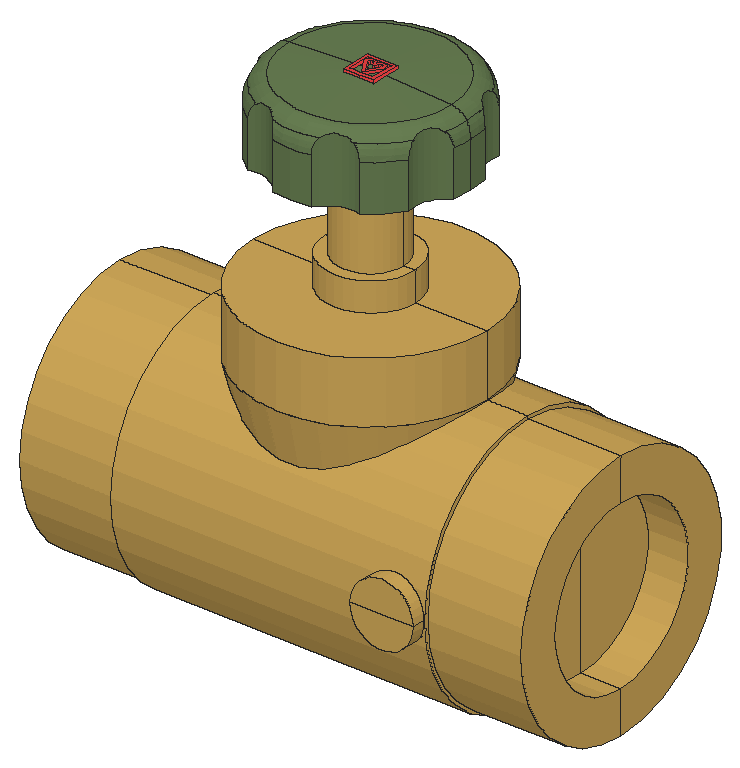
Revit family "Запорный клапан Strömax 4215 W, муфта х муфта", category Rohrzubehör, Revit 2019
Family settings
  Bemaßung runder Anschluss = Durchmesser verwenden
  Teiletyp = Unterbricht
  OmniClass-Nummer = 23.65.55.14
  OmniClass-Titel = Valves for Liquid Services
  Arbeitsebenenbasiert = Nein
  Immer vertikal = Ja
  Beim Laden mit Abzugskörper schneiden = Nein
  Gemeinsam genutzt = Nein
Parameters
  Примечание = "В соответствии со статьей 33 Регламента REACH (Registration; Evaluation; Authorisation; Restriction of Chemicals) (EC № 1907/2006) мы обязаны указать, что свинец внесен в список SVHC (Substances of Very High Concern - вещества очень высокой важности) и весовой процент свинца во всех латунных компонентах заводского изготовления в наших изделиях, превышает 0,1 % (w/w) (CAS: 7439-92-1 / EINECS: 231-100-4).\r\nПоскольку свинец является легирующим компонентом сплава, прямое негативное влияние исключается, и поэтому дополнительной информации о безопасном использовании не требуется."
  Область применения = "Для перекрытия трубопроводов в системе питьевого водоснабжения в зданиях."
  Номер заказа [instance] = size_lookup("4215W_", "Artnr", 0, Nennweite)  # 2421546
  Маховик = "пластик, цвет маховика - зеленый"  # constant formula
  Макс. рабочее давление = 1000000.0 Pa  # constant formula
  Макс. рабочая температура = 90 °C  # constant formula
  Корпус = "латунь, устойчивая к селективной цинковой коррозии, в соответствии с EN1982"  # constant formula
  URL = "www.herz-armaturen.ru"
  T01 [instance] = size_lookup("4215W_", "T1", 17.5 mm, Nennweite)  # 42 mm
  SC_NennweiteBerechnet = 0
  SC_Dimension = ""
  SCTWSEQ = "FW;SBT_TYP_FW=\"106\";2"
  SCTWCODE = "04;01;02"  # constant formula
  S03 = 60 mm  # constant formula
  S02 [instance] = H01 + H02 + H03  # 93 mm
  S01 [instance] = R01 * 2  # 75 mm
  R08 [instance] = size_lookup("4215W_", "R8", 9.5 mm, Nennweite)  # 9.5 mm
  R07 = 3 mm  # constant formula
  R06 [instance] = size_lookup("4215W_", "R6", 7.8 mm, Nennweite)  # 10 mm
  R05 [instance] = size_lookup("4215W_", "R5", 10.1 mm, Nennweite)  # 13.5 mm
  R04 [instance] = size_lookup("4215W_", "R4", 13.5 mm, Nennweite)  # 35 mm
  R03 [instance] = size_lookup("4215W_", "R3", 15 mm, Nennweite)  # 38.5 mm
  R02 [instance] = Nennweite / 2  # 25 mm
  R01 [instance] = size_lookup("4215W_", "R1", 16 mm, Nennweite)  # 37.5 mm
  Nennweite [instance] = 50 mm
  Мин. расход при Dp 10 кПа [instance] = if(Nennweite = 15 mm, 0.2, if(Nennweite = 20 mm, 0.4, if(Nennweite = 25 mm, 0.7, if(Nennweite = 32 mm, 1.2, if(Nennweite = 40 mm, 1.6, if(Nennweite = 50 mm, 2.7, 0))))))  # 2.7
  Среда = "Питьевая вода"  # constant formula
  Макс. перепад давления на закрытом седле = 1000000.0 Pa  # constant formula
  L03 [instance] = size_lookup("4215W_", "L3", 15.5 mm, Nennweite)  # 38 mm
  L02 = 12 mm  # constant formula
  L01 [instance] = size_lookup("4215W_", "L1", 16 mm, Nennweite)  # 28 mm
  L00 [instance] = size_lookup("4215W_", "L", 65 mm, Nennweite)  # 150 mm
  Hersteller = "HERZ Armaturen Ges.m.b.H."  # constant formula
  H04 = 21 mm  # constant formula
  H03 [instance] = size_lookup("4215W_", "H3", 14.6 mm, Nennweite)  # 27.3 mm
  H02 [instance] = size_lookup("4215W_", "H2", 5.4 mm, Nennweite)  # 8.7 mm
  H01 [instance] = size_lookup("4215W_", "H1", 26 mm, Nennweite)  # 57 mm
  H00 [instance] = H01 + H02 + H03  # 93 mm
  O-Ring = "EPDM"  # constant formula
Reference planes
  plane 1 "Mitte (Vorne/hinten)": y = 0
  plane 2: z = 0
  plane 3 "Mitte (Links/rechts)": x = 0
Forms (mm)
  Revolve 1, solid, material "Messing, weicher Gelbton, geschweißt", detail levels fine
    sketch origin (470, 0, 0) x (1, 0, 0) y (0, 0, 1)
      loop
        line (-545, 25) -> (-533, 25) -> (-533, 0) -> (-407, 0) -> (-407, 25) -> (-395, 25) -> (-395, 37.5) -> (-423, 37.5) -> (-423, 38.5) -> (-517, 38.5) -> (-517, 37.5) -> (-545, 37.5) -> (-545, 25)
      axis (-545, 0) -> (-395, 0)
    angle from 0 to 360
  Revolve 2, solid, material "Messing, weicher Gelbton, geschweißt", detail levels fine
    sketch origin (0, 0, 0) x (1, 0, 0) y (0, 0, 1)
      loop
        line (0, 0) -> (0, 93) -> (-10, 93) -> (-10, 65.7) -> (-13.5, 65.7) -> (-13.5, 57) -> (-35, 57) -> (-35, 38.5) -> (-25, 0) -> (0, 0)
      axis (0, 93) -> (0, 0)
    angle from 0 to 360
  Revolve 3, solid, material "Messing, weicher Gelbton, geschweißt", detail levels fine
    sketch origin (0, 0, 0) x (1, 0, 0) y (0, 1, 0)
      loop
        line (37, -42) -> (46.5, -42) -> (46.5, -25) -> (40, -25) -> (40, 25) -> (46.5, 25) -> (46.5, 42) -> (37, 42) -> (37, -42)
      axis (37, 42) -> (37, -42)
    angle from 0 to 360
Lines and regions (mm)
  model lines, detail levels coarse+medium
    curve 1: line (-75, 0, -37.5) -> (-75, 0, 37.5)
    curve 2: line (-75, 0, 37.5) -> (75, 0, -37.5)
    curve 3: line (75, 0, -37.5) -> (75, 0, 37.5)
    curve 4: line (75, 0, 37.5) -> (-75, 0, -37.5)
    curve 5: line (0, 0, 0) -> (0, 0, 93)
    curve 6: line (-30, 0, 93) -> (30, 0, 93)
    curve 7: line (-75, 37.5, 0) -> (-75, -37.5, 0)
    curve 8: line (-75, -37.5, 0) -> (75, 37.5, 0)
    curve 9: line (75, 37.5, 0) -> (75, -37.5, 0)
    curve 10: line (75, -37.5, 0) -> (-75, 37.5, 0)
    curve 11: line (0, 0, 0) -> (0, 93, 0)
    curve 12: line (-30, 93, 0) -> (30, 93, 0)
Dimensions and locks
  "L00": Revolve 1 sketch curve to Revolve 1 sketch curve
  equal spacing: Revolve 1 sketch curve, plane 3 "Mitte (Links/rechts)", Revolve 1 sketch curve
  "R01": Revolve 1 sketch curve to Revolve 1 sketch curve  (x2)
  "R02": Revolve 1 sketch curve to Revolve 1 sketch curve  (x2)
  "L01": Revolve 1 sketch curve to Revolve 1 sketch curve  (x2)
  "L02": Revolve 1 sketch curve to Revolve 1 sketch curve  (x2)
  "R03": Revolve 1 sketch curve to Revolve 1 sketch curve
  "R03": Revolve 2 sketch curve to Revolve 2 sketch curve
  "R02": Revolve 2 sketch curve to Revolve 2 sketch curve
  "R04": Revolve 2 sketch curve to Revolve 2 sketch curve
  "R05": Revolve 2 sketch curve to Revolve 2 sketch curve
  "R06": Revolve 2 sketch curve to Revolve 2 sketch curve
  "H01": Revolve 2 sketch curve to plane 2
  "T01": Revolve 3 sketch curve to plane 1 "Mitte (Vorne/hinten)" to Revolve 3 sketch curve
  "L03": Revolve 3 sketch curve to Revolve 1
  "R02": Revolve 3 sketch curve to plane 1 "Mitte (Vorne/hinten)"
  "R02": plane 1 "Mitte (Vorne/hinten)" to Revolve 3 sketch curve
  "R07": Revolve 3 sketch curve to Revolve 3 sketch curve
  "R08": Revolve 3 sketch curve to Revolve 3 sketch curve
  "H02": Revolve 2 sketch curve to Revolve 2 sketch curve
  "H03": Revolve 2 sketch curve to Revolve 2 sketch curve
  "H00": nested 1 to plane 2
  "H04": nested 2 to Revolve 2
  equal spacing: curve 3, plane 3 "Mitte (Links/rechts)", curve 1
  "L00": curve 3 to curve 1
  equal spacing: curve 2, plane 2, curve 4
  "S01": curve 2 to curve 4
  equal spacing: curve 4, plane 2, curve 3
  "S01": curve 4 to curve 3
  "S02": curve 5 to plane 2
  equal spacing: curve 6, curve 5, curve 6
  "S03": curve 6 to curve 6
  equal spacing: curve 7, plane 3 "Mitte (Links/rechts)", curve 9
  "L00": curve 7 to curve 9
  equal spacing: curve 10, plane 1 "Mitte (Vorne/hinten)", curve 9
  equal spacing: curve 8, plane 1 "Mitte (Vorne/hinten)", curve 10
  "S01": curve 9 to curve 10
  "S01": curve 10 to curve 8
  equal spacing: curve 12, plane 3 "Mitte (Links/rechts)", curve 12
  "S02": plane 1 "Mitte (Vorne/hinten)" to curve 11
  "S03": curve 12 to curve 12
  aligned and locked: level to plane 2
Automatic sketch dimensions
  curve 5 to level = 0 mm
  plane 1 "Mitte (Vorne/hinten)" to curve 11 = 0 mm
  Revolve 1 sketch curve to level = 0 mm  (x2)
  Revolve 1 sketch curve to Revolve 1 sketch curve = 791.99 mm
  Revolve 1 sketch curve to Revolve 1 sketch curve = 2278.983 mm
  Revolve 2 sketch curve to level = 0 mm
  Revolve 2 sketch curve to plane 3 "Mitte (Links/rechts)" = 0 mm  (x2)
  Revolve 2 sketch curve to level = 366.045 mm
  Revolve 2 sketch curve to Revolve 2 sketch curve = 2165.278 mm
  Revolve 3 sketch curve to Revolve 3 sketch curve = 9.5 mm
  Revolve 3 sketch curve to Revolve 3 sketch curve = 0 mm
  Revolve 3 sketch curve to Revolve 3 sketch curve = 4.553 mm
  Revolve 3 sketch curve to Revolve 3 sketch curve = 3.768 mm
Nested families
  nested 1: "Strömax-Handrad (Grün)" at (0, 0, 93), type "Strömax-Handrad (Grün)", detail levels fine
    with Nennweite 0 mm, Gewicht 0.00 kg, Bestellnummer 0
  nested 2: "Herz-Logo" at (0, 0, 114), type "Herz-Logo", detail levels fine
Connectors
  piping at (-63, 0, 0), diameter 50, driven by "Nennweite"
    settings: on Revolve 1, index 1, connector inside diameter 609.6 mm, connector length 0 mm, flow factor 0, pipe flow 0.0 L/s, pressure drop 0.0 Pa, fitting loss kfactor 0, connector angle 0.00°, fixture units 0, engagement length 0 mm, angle of deflection 0.00°, flow configuration 0, flow direction 1, fitting loss method 0, system type 29, joint type 0, gender type 0, connector reference index -1, connector utility 0, adjustable connector no, is connector primary yes, connector description ""
  piping at (63, 0, 0), diameter 50, driven by "Nennweite"
    settings: on Revolve 1, index 2, connector inside diameter 609.6 mm, connector length 0 mm, flow factor 0, pipe flow 0.0 L/s, pressure drop 0.0 Pa, fitting loss kfactor 0, connector angle 0.00°, fixture units 0, engagement length 0 mm, angle of deflection 0.00°, flow configuration 0, flow direction 2, fitting loss method 0, system type 29, joint type 0, gender type 0, connector reference index -1, connector utility 0, adjustable connector no, is connector primary no, connector description ""
Definition of nested family "Strömax-Handrad (Grün)"
  Parameters (values of type "Strömax-Handrad (Grün)")
    URL = "www.herz-armaturen.at"
    Nennweite [instance] = 0 mm
    Manufacturer = "Herz Armaturen GmbH"  # constant formula
    Gewicht [instance] = 0.00 kg
    Bestellnummer [instance] = 0
  Reference planes
    plane 1 "Mitte (Vorne/hinten)": y = 0
    plane 2: z = 0
    plane 3 "Mitte (Links/rechts)": x = 0
  Forms (mm)
    Revolve 1, solid
      sketch origin (0, 0, 0) x (1, 0, 0) y (0, 0, 1)
        loop
          line (0, 0) -> (0, 22)
          arc (0, 22) -> (-12.15, 21.705) -> (-24.271, 20.819) r 250
          arc (-24.271, 20.819) -> (-26.831, 19.959) -> (-28.754, 18.063) r 6
          arc (-28.754, 18.063) -> (-29.682, 16.008) -> (-30, 13.776) r 8
          line (-30, 13.776) -> (-30, 0) -> (0, 0)
        axis (0, 22) -> (0, 0)
      angle from 0 to 360
    Extrusion 2, void
      sketch origin (0, 0, 0) x (1, 0, 0) y (0, 1, 0)
        loop
          circle (14.351, -34.645) r 10
      from 0 to 22
    Extrusion 3, void
      sketch origin (0, 0, 0) x (-1, 0, 0) y (0, -1, 0)
        loop
          circle (14.351, 34.645) r 10
      from 0 to 22
    Extrusion 4, void
      sketch origin (0, 0, 0) x (0, -1, 0) y (1, 0, 0)
        loop
          circle (14.351, 34.645) r 10
      from 0 to 22
    Extrusion 5, void
      sketch origin (0, 0, 0) x (0, 1, 0) y (-1, 0, 0)
        loop
          circle (14.351, -34.645) r 10
      from 0 to 22
    Extrusion 6, void
      sketch origin (0, 0, 0) x (0, -1, 0) y (1, 0, 0)
        loop
          circle (14.351, -34.645) r 10
      from 0 to 22
    Extrusion 7, void
      sketch origin (0, 0, 0) x (0, 1, 0) y (-1, 0, 0)
        loop
          circle (14.351, 34.645) r 10
      from 0 to 22
    Extrusion 8, void
      sketch origin (0, 0, 0) x (1, 0, 0) y (0, 1, 0)
        loop
          circle (14.351, 34.645) r 10
      from 0 to 22
    Extrusion 9, void
      sketch origin (0, 0, 0) x (-1, 0, 0) y (0, -1, 0)
        loop
          circle (14.351, -34.645) r 10
      from 0 to 22
  Cuts and joins
    Extrusion 2, Extrusion 3, Extrusion 4, Extrusion 5, Extrusion 6, Extrusion 7, Extrusion 8, Extrusion 9 cuts Revolve 1
  Dimensions and locks
    aligned and locked: level to plane 2
Definition of nested family "Herz-Logo"
  Reference planes
    plane 1 "Mitte (Vorne/hinten)": y = 0
    plane 2: z = 0
    plane 3 "Mitte (Links/rechts)": x = 0
  Forms (mm)
    Extrusion 1, solid
      sketch origin (0, 0, 0) x (1, 0, 0) y (0, 1, 0)
        loop
          line (-0.018, -4.517) -> (4.482, -4.517) -> (4.482, 4.483) -> (-4.518, 4.483) -> (-4.518, -4.517) -> (-0.018, -4.517)
        loop
          line (-0.05, -3.48) -> (3.482, -3.48) -> (3.482, 3.483) -> (-3.518, 3.483) -> (-3.518, -3.48) -> (-0.05, -3.48)
        loop
          arc (-0.018, 2.383) -> (-1.543, 3.287) -> (-3.067, 2.383) r 1.738
          arc (-3.067, 2.383) -> (-3.191, 1.899) -> (-3.067, 1.415) r 1.009
          line (-3.067, 1.415) -> (-0.018, -3.281) -> (3.032, 1.415)
          arc (3.032, 1.415) -> (3.156, 1.899) -> (3.032, 2.383) r 1.009
          arc (3.032, 2.383) -> (1.507, 3.287) -> (-0.018, 2.383) r 1.738
        loop
          arc (1.885, 1.272) -> (2.005, 1.675) -> (1.885, 2.079) r 0.74
          arc (1.885, 2.079) -> (1.265, 2.416) -> (0.644, 2.079) r 0.74
          line (0.644, 2.079) -> (-0.018, 0.97) -> (-0.679, 2.079)
          arc (-0.679, 2.079) -> (-1.3, 2.416) -> (-1.921, 2.079) r 0.74
          arc (-1.921, 2.079) -> (-2.04, 1.675) -> (-1.921, 1.272) r 0.74
          line (-1.921, 1.272) -> (-0.018, -1.658) -> (1.885, 1.272)
      from 0 to 1.5
  Dimensions and locks
    aligned and locked: level to plane 2
